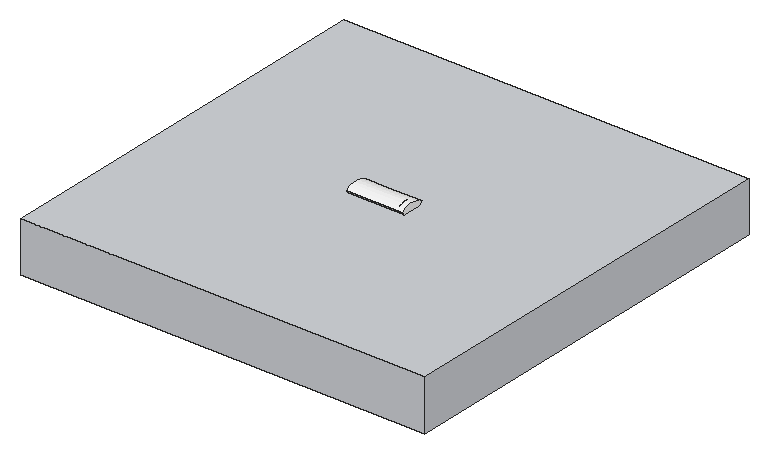
Revit family "URA_Eclairage_de_Securite_URALIGHT", category Luminaires, Revit 2020
Family settings
  Hôte = Face
  Cote de connecteur circulaire = Utiliser le diamètre
  Type d'élément = Normal
  Couper avec des vides une fois chargée = Non
  Source d'éclairage = Oui
  Partagée = Non
  Point de calcul de pièce = Non
Parameters (values of type "BAEH URALIGHT CM")
  built-in parameter 1150107 = 3000 (stored number, unit not read)
  TYPE_DE_TENSION = "CA"
  TYPE_DE_MONTAGE = "pose murale en saillie"
  TYPE_DE_COMMUTATION = "mode veille"
  TENSION_NOMINALE_(MIN) = "207"
  TENSION_NOMINALE_(MAX) = "253"
  SOURCE_LUMINEUSE = "lampe à incandescence"
  RESERVE_DE_MARCHE = "5"
  REF_BATTERIE_DE_RECHANGE = "186001"
  REFERENCE_ARTICLE = 113000
  Wattage = 9.2903 W
  built-in parameter 1150110 = 1 (stored number, unit not read)
  built-in parameter 1150109 = 1 (stored number, unit not read)
  built-in parameter 1114218 = 1 (stored number, unit not read)
  built-in parameter 1150113 = 1 (stored number, unit not read)
  built-in parameter 1150112 = 1 (stored number, unit not read)
  PUISSANCE_DE_LA_LAMPE = "1.3"
  PROFONDEUR_D'ENCASTREMENT = ""
  built-in parameter 1150137 = (empty or 0)
  built-in parameter 1150132 = 2
  MATERIAU_DU_COUVERCLE = "plastique transparent"
  MATERIAU_DU_BOITIER = "plastique"
  LONGUEUR_D'ENCASTREMENT = ""
  LONGUEUR = "258"
  LARGEUR_DE_MONTAGE = ""
  LARGEUR = "120"
  built-in parameter 1150105 = 109.82 (stored number, unit not read)
  built-in parameter 1150102 = (empty or 0)
  INSTALLATION_DE_SURVEILLANCE = "touche de contrôle"
  HAUTEUR/PROFONDEUR = "70.7"
  Dimming Lamp Color Temperature Shift = (empty or 0)
  Lumens = 1380 lm
  Color Filter = 16777215
  Fichier de distribution photométrique = "generic"
  built-in parameter 1114217 = 1 (stored number, unit not read)
  built-in parameter 1150139 = (empty or 0)
  FORMAT_PRODUIT = "rectangle"
  FONCTION = "BAEH"
  FLUX_LUMINEUX_EN_MODE_D'URGENCE = "8"
  FLUX_LUMINEUX_EFFICACE = ""
  Default Elevation = 1219.2 mm
  built-in parameter 1150104 = 13.8 (stored number, unit not read)
  built-in parameter 1150106 = 1.0982 (stored number, unit not read)
  ETAT_DES_ACCUS = "NiCd"
  built-in parameter 1150115 = 1 (stored number, unit not read)
  built-in parameter 1150114 = 1 (stored number, unit not read)
  DUREE_DE_GARANTIE_BAES_COMPLET = "2"
  DISTANCE_DE_RECONNAISSANCE = "15"
  DIAMETRE_EXTERNE = ""
  DIAMETRE_D'ENCASTREMENT = ""
  DESIGNATION_ARTICLE = "BAEH URALIGHT CM"
  built-in parameter 1150138 = (empty or 0)
  built-in parameter 1150134 = (empty or 0)
  Condition Générale d'Utilisation = "https://export.legrand.com/CGU-objets-BIM"
  COULEUR_DU_BOITIER = "blanc"
  CLASSE_DE_PROTECTION_(IP) = "IP42"
  CLASSE_DE_PROTECTION = "II"
  CATEGORIE_PRODUIT = "Autonome"
  built-in parameter 1150142 = (empty or 0)
  Angle de l'inclinaison = 60.00°
  ALIMENTATION = "décentralisé (batterie individuelle)"
  ADAPTE_AU_TYPE_DE_MARQUAGE = "autocollant"
  built-in parameter 1150133 = 10 (stored number, unit not read)
Types (7, lengths in mm): name | TYPE_DE_TENSION | TYPE_DE_COMMUTATION | TENSION_NOMINALE_(MIN) | TENSION_NOMINALE_(MAX) | SOURCE_LUMINEUSE | RESERVE_DE_MARCHE | REF_BATTERIE_DE_RECHANGE | REFERENCE_ARTICLE | PUISSANCE_DE_LA_LAMPE | LONGUEUR | LARGEUR | INSTALLATION_DE_SURVEILLANCE | HAUTEUR/PROFONDEUR | FONCTION | FLUX_LUMINEUX_EN_MODE_D'URGENCE | ETAT_DES_ACCUS | DESIGNATION_ARTICLE | CATEGORIE_PRODUIT | ALIMENTATION | ADAPTE_AU_TYPE_DE_MARQUAGE
  BAES URALIGHT EVAC CM | "CA" | "mode veille" | "207" | "253" | "lampe à incandescence" | "1" | "186001" | 110000 | "2.7" | "258" | "120" | "touche de contrôle" | "70.7" | "Evac" | "45" | "NiCd" | "BAES URALIGHT EVAC CM" | "Autonome" | "décentralisé (batterie individuelle)" | "autocollant"
  BAES URALIGHT AMB SATI | "CA" | "mode veille" | "207" | "253" | "lampe fluorescente" | "1" | "186003" | 111002 | "8" | "336" | "147.8" | "auto-test automatique" | "74.75" | "Amb" | "360" | "NiCd" | "BAES URALIGHT AMB SATI" | "Autonome" | "décentralisé (batterie individuelle)" | ""
  BAEH URALIGHT CM | "CA" | "mode veille" | "207" | "253" | "lampe à incandescence" | "5" | "186001" | 113000 | "1.3" | "258" | "120" | "touche de contrôle" | "70.7" | "BAEH" | "8" | "NiCd" | "BAEH URALIGHT CM" | "Autonome" | "décentralisé (batterie individuelle)" | "autocollant"
  LSC AMBIANCE URALIGHT 24 | "CC" | "circuit permanent/circuit de secours" | "24" | "24" | "lampe fluorescente" | "" | "" | 241400 | "8" | "336" | "147.8" | "touche de contrôle" | "74.75" | "Amb" | "360" | "non applicable" | "LSC AMBIANCE URALIGHT 24" | "LSC" | "central (batterie centrale)" | ""
  LSC AMBIANCE URALIGHT 48 | "CC" | "circuit permanent/circuit de secours" | "48" | "48" | "lampe fluorescente" | "" | "" | 241410 | "8" | "336" | "147.8" | "touche de contrôle" | "74.75" | "Amb" | "360" | "non applicable" | "LSC AMBIANCE URALIGHT 48" | "LSC" | "central (batterie centrale)" | ""
  LSC AMBIANCE URALIGHT 110 | "CC" | "circuit permanent/circuit de secours" | "110" | "110" | "lampe fluorescente" | "" | "" | 241500 | "8" | "336" | "147.8" | "touche de contrôle" | "74.75" | "Amb" | "360" | "non applicable" | "LSC AMBIANCE URALIGHT 110" | "LSC" | "central (batterie centrale)" | ""
  LSC AMBIANCE URALIGHT 220/230 | "CA/CC" | "circuit permanent/circuit de secours" | "220" | "230" | "lampe fluorescente" | "" | "" | 241510 | "8" | "336" | "147.8" | "touche de contrôle" | "74.75" | "Amb" | "360" | "non applicable" | "LSC AMBIANCE URALIGHT 220/230" | "LSC" | "central (batterie centrale)" | ""
Reference planes
  plane 1 "Centre (avant/arrière)": y = 0
  plane 2: z = 0
  plane 3 "Centre (gauche/droite)": x = 0
  plane 4: z = 19.5
  plane 5: x = -129
  plane 6: y = 60
  plane 7: y = -60
  plane 8: x = 129
  plane 9: x = -168
  plane 10: y = 73.9
  plane 11: y = -73.9
  plane 12: x = 168
Forms (mm)
  Extrusion 1, solid
    sketch origin (0, 0, 0) x (1, 0, 0) y (0, 1, 0)
      loop
        line (-1219.2, 1219.2) -> (-1219.2, -1219.2) -> (1219.2, -1219.2) -> (1219.2, 1219.2) -> (-1219.2, 1219.2)
    from 0 to -304.8
  Extrusion 2, solid, material "Blanc"
    sketch origin (0, 0, 0) x (0, 1, 0) y (0, 0, 1)
      loop
        line (-60, -35.5) -> (60, -35.5) -> (60, 14.5)
        arc (60, 14.5) -> (0, 35.2) -> (-60, 14.5) r 97.307
        line (-60, 14.5) -> (-60, -35.5)
    from -129 to 129
  Extrusion 3, solid, material "Blanc"
    sketch origin (0, 0, 0) x (0, 1, 0) y (0, 0, 1)
      loop
        line (-60, 0) -> (-55, 0) -> (-55, -35.5) -> (55, -35.5) -> (55, 0) -> (60, 0) -> (73.9, 13.9)
        arc (73.9, 13.9) -> (0, 39.2) -> (-73.9, 13.9) r 120.579
        line (-73.9, 13.9) -> (-60, 0)
    from -168 to 168
Dimensions and locks
  plane 5 to plane 8 = 258 mm
  equal spacing: plane 6, plane 1 "Centre (avant/arrière)", plane 7
  equal spacing: plane 5, plane 3 "Centre (gauche/droite)", plane 8
  aligned and locked: plane 2 to Extrusion 1
  aligned and locked: level to Extrusion 1
  aligned and locked: plane 3 "Centre (gauche/droite)" to nested 1
  aligned and locked: plane 1 "Centre (avant/arrière)" to nested 1
Nested families
  nested 1: "1681808_Porte Pictogramme" at (0, 0, 4.5), type "1681808_Porte Pictogramme"
Connectors
  electrical at (0, 0, -35.5)
    settings: on Extrusion 2, index 2, voltage 0 V, apparent load 0 VA, apparent load phase1 0 VA, apparent load phase2 0 VA, apparent load phase3 0 VA, power factor 1, load classification "Autre", number of poles 1, system type 31, power factor state 1, is connector primary yes, connector utility no, sub classification motor no, connector description ""
Definition of nested family "1681808_Porte Pictogramme"
  Reference planes
    plane 1 "Centre (avant/arrière)": y = 0
    plane 2: z = 0
    plane 3 "Centre (gauche/droite)": x = 0
  Lines and regions (mm)
    Filled region 1, type "NOIR", in view "Niveau de réf."
      outline origin (0, 0, 0) x (1, 0, 0) y (0, 1, 0)
        loop
          line (103, 52.5) -> (-103, 52.5) -> (-103, -52.5) -> (103, -52.5) -> (103, 52.5)
        loop
          line (98, 47.5) -> (-98, 47.5) -> (-98, -47.5) -> (98, -47.5) -> (98, 47.5)
    model lines, in view "Niveau de réf."
      curve 1: line (103, -52.5, 0) -> (103, 52.5, 0)
      curve 2: line (103, 52.5, 0) -> (-103, 52.5, 0)
      curve 3: line (-103, 52.5, 0) -> (-103, -52.5, 0)
      curve 4: line (-103, -52.5, 0) -> (103, -52.5, 0)
    detail lines, in view "Niveau de réf."
      curve 5: line (98, 47.5, 0) -> (-98, 47.5, 0)
      curve 6: line (-98, 47.5, 0) -> (-98, -47.5, 0)
      curve 7: line (-98, -47.5, 0) -> (98, -47.5, 0)
      curve 8: line (98, -47.5, 0) -> (98, 47.5, 0)
